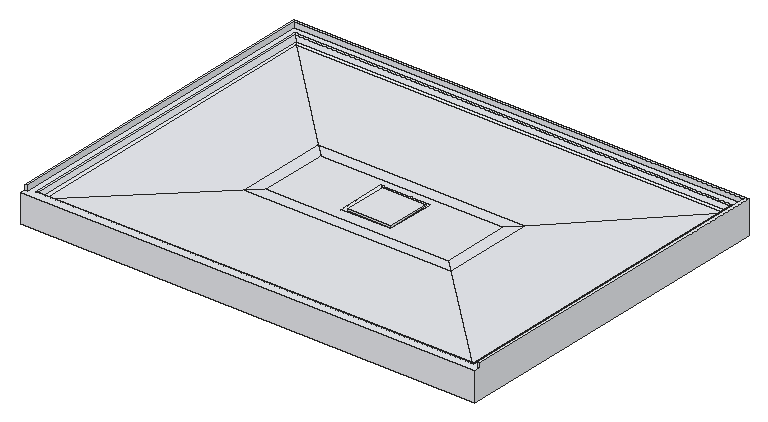
Revit family "Shower_Bases-American_Standard-Townsend-4836SMCOL", category Plumbing Fixtures, Revit 2014
Parameters (values of type "4836SMCOL")
  Width = 36"  # constant formula
  Weight (kg) = "48.1 Kg. (106 Lbs.)"  # constant formula
  Waste Connection Diameter = 3 1/4"  # constant formula
  Waste Connection = yes
  Warranty Information = "Limited Lifetime warranty"  # constant formula
  WFU = 3
  Vent Connection = no
  URL = "https://www.americanstandard-us.com/"
  Drain Cover = Metal-American Standard-075-Stainless Steel
  Product Page URL = "https://www.americanstandard-us.com/bathroom/shower-bases/townsend-48-x-36-inch-solid-surface-shower-base-33602"
  Product Documentation Link = "https://www.americanstandard-us.com/-/media/sites/asus/files/product-specs/shower-bases/2018/solid-surface-shower-bases/specsheet-4836smcol.pdf?la=en"
  Price = "Prices may vary. Please consult Manufacturer Representative for most up-to-date price list."  # constant formula
  Model = "4836SMCOL"  # constant formula
  Manufacturer = "American Standard"  # constant formula
  Description = "Townsend® 48\" X 36\" Shower Base Solid Surface"
  Assembly Code = "D2010710"
  Material = "Solid Surface-American Standard-White"
  Length = 48"  # constant formula
  Installation Type = "Floor Mounted"  # constant formula
  HWFU = 1.5
  HW Connection = yes
  Finish = Solid Surface-American Standard-White
  Default Elevation = 0"
  Creation Date = "5/11/2018"  # constant formula
  CWFU = 1.5
  CW Connection = yes
Reference planes (in)
  plane 1 "Center (Front/Back)": y = 0
  plane 2: z = 0
  plane 3 "Center (Left/Right)": x = 0
  plane 4: y = -36
  plane 5: x = 24
  plane 6: x = -24
  plane 7: y = -17.75
Forms (in)
  Sweep 1, solid, material "Solid Surface-American Standard-White" <- "Finish"
    path origin (0, 0, 0) x (1, 0, 0) y (0, 1, 0)
      loop
        line (24, 0) -> (-24, 0) -> (-24, -36) -> (24, -36) -> (24, 0)
    profile origin (0, 0, 0) x (0, -1, 0) y (0, 0, 1)
      loop
        line (0, 0) -> (15, 0) -> (15, 2.0621837) -> (14.4099634, 2.0621837)
        arc (14.4099634, 2.0621837) -> (13.7500305, 2.0653545) -> (13.0901585, 2.0748668) r 68.6758681
        line (13.0901585, 2.0748668) -> (1.4270265, 2.2990489)
        arc (1.4270265, 2.2990489) -> (1.2994723, 2.3398777) -> (1.2152708, 2.4440274) r 0.2337386
        line (1.2152708, 2.4440274) -> (1.0189971, 2.9224445)
        arc (1.0189971, 2.9224445) -> (0.972973, 2.9788161) -> (0.903351, 3) r 0.125
        line (0.903351, 3) -> (0, 3) -> (0, 0)
  Extrusion 2, void
    sketch origin (0, 0, 0) x (1, 0, 0) y (0, 1, 0)
      loop
        circle (0, -17.75) r 1.625
    from -1.4490156 to 2.6058071
  Sweep 3, solid, material "Solid Surface-American Standard-White" <- "Finish"
    path origin (0, 0, 3) x (1, 0, 0) y (0, 1, 0)
      loop
        line (24, -35.375) -> (24, 0) -> (-24, 0) -> (-24, -35.375)
    profile origin (0, 0, 3) x (0, -1, 0) y (0, 0, 1)
      loop
        line (0, 0) -> (0.25, 0) -> (0.25, 0.5) -> (0, 0.5) -> (0, 0)
  Extrusion 4, solid, material "Solid Surface-American Standard-White" <- "Finish"
    sketch origin (0, 0, 0) x (1, 0, 0) y (0, 1, 0)
      loop
        line (-9, -15) -> (-9, -21) -> (9, -21) -> (9, -15) -> (-9, -15)
    from 0 to 2.0621837
  Blend 5, void
    base sketch origin (0, 0, 0) x (1, 0, 0) y (0, 1, 0)
      loop
        line (-2, -15.75) -> (-2, -19.75) -> (2, -19.75) -> (2, -15.75) -> (-2, -15.75)
    top sketch origin (0, 0, 0) x (1, 0, 0) y (0, 1, 0)
      loop
        line (-3, -14.75) -> (-3, -20.75) -> (3, -20.75) -> (3, -14.75) -> (-3, -14.75)
    from 1.5720525 to 2.2996137
  Extrusion 6, solid, material "Solid Surface-American Standard-White" <- "Finish"
    sketch origin (0, 0, 0) x (1, 0, 0) y (0, 1, 0)
      loop
        line (-2.25, -15.4375) -> (-2.25, -20.0625) -> (2.3125, -20.0625) -> (2.3125, -15.4375) -> (-2.25, -15.4375)
    from 1.9283956 to 2.0621837
Cuts and joins
  Extrusion 2, Blend 5 cuts Sweep 1
  Extrusion 2, Blend 5 cuts Extrusion 4
  joined: Sweep 1, Sweep 3, Extrusion 4, Extrusion 6
Lines and regions (in)
  Masking region 1
    outline origin (0, 0, 0) x (1, 0, 0) y (0, 1, 0)
      loop
        line (-24, 0) -> (-24, -36) -> (24, -36) -> (24, 0) -> (-24, 0)
  symbolic lines, detail levels medium+fine
    curve 1: line (-22.9810029, -34.9810029, 0) -> (-22.9810029, -1.0189971, 0)
    curve 2: line (-22.9810029, -1.0189971, 0) -> (22.9810029, -1.0189971, 0)
    curve 3: line (22.9810029, -1.0189971, 0) -> (22.9810029, -34.9810029, 0)
    curve 4: line (22.9810029, -34.9810029, 0) -> (-22.9810029, -34.9810029, 0)
    curve 22: line (-2.25, -15.4375, 0) -> (2.3125, -15.4375, 0)
    curve 23: line (-2.25, -20.0625, 0) -> (-2.25, -15.4375, 0)
    curve 24: line (2.3125, -20.0625, 0) -> (-2.25, -20.0625, 0)
    curve 25: line (2.3125, -15.4375, 0) -> (2.3125, -20.0625, 0)
  symbolic lines, detail levels fine
    curve 5: line (-22.7847292, -34.7847292, 0) -> (22.7712158, -34.7847292, 0)
    curve 6: line (-22.7847292, -1.2074408, 0) -> (-22.7847292, -34.7847292, 0)
    curve 7: line (22.7712158, -1.2074408, 0) -> (-22.7847292, -1.2074408, 0)
    curve 8: line (22.7712158, -34.7847292, 0) -> (22.7712158, -1.2074408, 0)
    curve 9: line (-24, -35.375, 0) -> (-23.75, -35.375, 0)
    curve 10: line (-23.75, -35.375, 0) -> (-23.75, -0.25, 0)
    curve 11: line (-23.75, -0.25, 0) -> (23.75, -0.25, 0)
    curve 12: line (23.75, -0.25, 0) -> (23.75, -35.375, 0)
    curve 13: line (23.75, -35.375, 0) -> (24, -35.375, 0)
    curve 14: line (-2.6736632, -15.0763368, 0) -> (2.6736632, -15.0763368, 0)
    curve 15: line (-2.6736632, -20.4236632, 0) -> (-2.6736632, -15.0763368, 0)
    curve 16: line (2.6736632, -20.4236632, 0) -> (-2.6736632, -20.4236632, 0)
    curve 17: line (2.6736632, -15.0763368, 0) -> (2.6736632, -20.4236632, 0)
    curve 18: line (-2.6736632, -15.0763368, 0) -> (-2.25, -15.4375, 0)
    curve 19: line (2.3125, -15.4375, 0) -> (2.6736632, -15.0763368, 0)
    curve 20: line (2.6736632, -20.4236632, 0) -> (2.3125, -20.0625, 0)
    curve 21: line (-2.6736632, -20.4236632, 0) -> (-2.25, -20.0625, 0)
Dimensions and locks (in)
  equal spacing: plane 6, plane 3 "Center (Left/Right)", plane 5
  "Length": plane 6 to plane 5
  plane 7 to plane 1 "Center (Front/Back)" = 17 3/4"
  "Width": plane 4 to plane 1 "Center (Front/Back)"
  plane 4 to plane 7 = 18 1/4"
  aligned and locked: plane 7 to Extrusion 2 sketch curve
  aligned and locked: plane 3 "Center (Left/Right)" to Extrusion 2 sketch curve
  aligned and locked: Sweep 1 sketch curve to plane 4
  aligned and locked: Sweep 3 sketch curve to profile plane
  aligned and locked: profile plane to Sweep 3 sketch curve
  aligned and locked: Extrusion 4 sketch curve to cut or joined group of Sweep 1, Extrusion 2, Sweep 3, Extrusion 4, Blend 5, Extrusion 6  (x4)
  aligned and locked: cut or joined group of Sweep 1, Extrusion 2, Sweep 3, Extrusion 4, Blend 5, Extrusion 6 to Extrusion 4
  aligned and locked: Masking region 1 sketch curve to cut or joined group of Sweep 1, Extrusion 2, Sweep 3, Extrusion 4, Blend 5, Extrusion 6  (x4)
Automatic sketch dimensions
  plane 1 "Center (Front/Back)" to Sweep 1 sketch curve = 0"
  plane 1 "Center (Front/Back)" to Sweep 3 sketch curve = 0"
  Sweep 3 sketch curve to plane 4 = 5/8"  (x2)
  Sweep 3 sketch curve to plane 6 = 0"
  Sweep 3 sketch curve to plane 5 = 0"
  Sweep 3 sketch curve to profile plane = 1/4"
  profile plane to Sweep 3 sketch curve = 1/2"
  Sweep 1 sketch curve to plane 6 = 0"
  Sweep 1 sketch curve to plane 5 = 0"
  Blend 5 sketch curve to plane 3 "Center (Left/Right)" = 3"
  plane 3 "Center (Left/Right)" to Blend 5 sketch curve = 3"
  plane 7 to Blend 5 sketch curve = 3"
  Blend 5 sketch curve to plane 7 = 3"
  Blend 5 sketch curve to plane 3 "Center (Left/Right)" = 2"
  plane 7 to Blend 5 sketch curve = 2"
  Blend 5 sketch curve to plane 7 = 2"
  plane 3 "Center (Left/Right)" to Blend 5 sketch curve = 2"
  Sweep 1 sketch curve to profile plane = 0"
  Sweep 1 sketch curve to level = 0"
  Sweep 1 sketch curve to profile plane = 0.90335"
  Sweep 1 sketch curve to Sweep 1 sketch curve = 0.11565"
  Sweep 1 sketch curve to Sweep 1 sketch curve = 0.19627"
  Sweep 1 sketch curve to Sweep 1 sketch curve = 0.21176"
  Sweep 1 sketch curve to Sweep 1 sketch curve = 0.00449"
  level to Sweep 1 sketch curve = 2.07487"
  Sweep 1 sketch curve to Sweep 1 sketch curve = 11.66313"
  Sweep 1 sketch curve to Sweep 1 sketch curve = 1.3198"
  Sweep 1 sketch curve to Sweep 1 sketch curve = 0.59004"
  Sweep 1 sketch curve to Sweep 1 sketch curve = 0.01268"
  level to Sweep 1 sketch curve = 2.29905"
  Sweep 1 sketch curve to Sweep 1 sketch curve = 0.14498"
  Sweep 1 sketch curve to Sweep 1 sketch curve = 0.43097"
  Sweep 1 sketch curve to Sweep 1 sketch curve = 0.04744"
  Extrusion 6 sketch curve to plane 3 "Center (Left/Right)" = 2 1/4"
  plane 3 "Center (Left/Right)" to Extrusion 6 sketch curve = 2 5/16"
  plane 7 to Extrusion 6 sketch curve = 2 5/16"
  Extrusion 6 sketch curve to plane 7 = 2 5/16"
  curve 9 to plane 6 = 0"
  curve 13 to plane 5 = 0"
  plane 6 to curve 10 = 1/4"
  plane 6 to curve 2 = 1.019"
  curve 1 to curve 6 = 0.19627"  (x2)
  curve 14 to plane 3 "Center (Left/Right)" = 2.67366"
  curve 14 to curve 22 = 0.42366"
  plane 3 "Center (Left/Right)" to curve 24 = 2 5/16"
  curve 24 to curve 16 = 0.36116"
  curve 7 to plane 5 = 1.22878"
  curve 7 to curve 2 = 0.20979"
  curve 12 to plane 5 = 1/4"
  curve 9 to plane 4 = 5/8"
  curve 13 to plane 4 = 5/8"
  curve 9 to curve 4 = 0.394"
  plane 7 to curve 20 = 2.67366"
  curve 15 to curve 23 = 0.36116"
  curve 22 to plane 7 = 2 5/16"
  curve 22 to curve 15 = 0.36116"
  plane 1 "Center (Front/Back)" to curve 8 = 1.20744"
  curve 6 to curve 1 = 0.18844"
  plane 1 "Center (Front/Back)" to curve 12 = 1/4"
  radius of Extrusion 2 sketch curve = 1 5/8"
Connectors (in)
  piping at (0, -17.75, 0), diameter 3.25, driven by "Waste Connection Diameter", driven by "WFU"
    settings: on cut or joined group of Sweep 1, Extrusion 2, Sweep 3, Extrusion 4, Blend 5, Extrusion 6, index 2, connector inside diameter 24", connector length 0", flow factor 0, pipe flow 0 GPM, pressure drop 0.00 psi, fitting loss kfactor 0, connector angle 0.00°, fixture units 3, engagement length 0", angle of deflection 0.00°, flow configuration 3, flow direction 2, fitting loss method 0, system type 16, joint type 0, gender type 0, connector reference index -1, connector utility 0, adjustable connector no, is connector primary yes, connector description "3 1/4\" Waste Connection Outlet"
